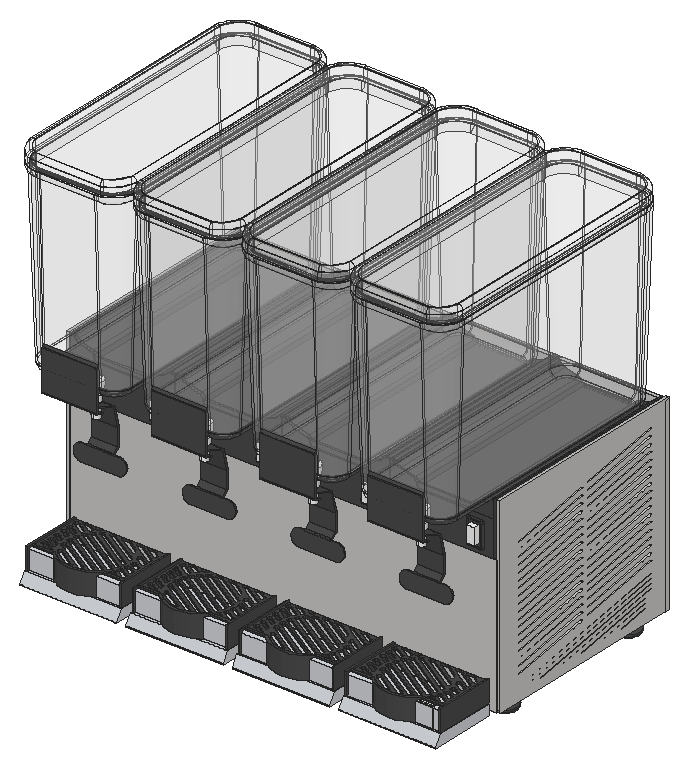
Revit family "QF_Vollrath-VBBE4-37T", category Specialty Equipment, Revit 2018 (continued)
Forms (in)
  Extrusion 6, solid, material "QF_Finishes-Stainless"
    sketch origin (0, 0, 0) x (1, 0, 0) y (0, 0, 1)
      loop
        line (11.62728, 10.09148) -> (11.50867, 9.98837) -> (11.50867, 9.94064)
      loop
        line (11.50867, 10.31465) -> (16.82371, 10.31465) -> (16.82371, 10.36239) -> (16.7051, 10.46549)
        arc (16.7051, 10.46549) -> (16.67208, 10.48089) -> (16.63603, 10.48617) r 0.12567
        line (16.63603, 10.48617) -> (11.69634, 10.48617)
        arc (11.69634, 10.48617) -> (11.66029, 10.48089) -> (11.62728, 10.46549) r 0.12567
        line (11.62728, 10.46549) -> (11.50867, 10.36239) -> (11.50867, 10.31465)
      loop
        line (11.50867, 10.68867) -> (16.82371, 10.68867) -> (16.82371, 10.7364) -> (16.7051, 10.83951)
        arc (16.7051, 10.83951) -> (16.67208, 10.85491) -> (16.63603, 10.86019) r 0.12567
        line (16.63603, 10.86019) -> (11.69634, 10.86019)
        arc (11.69634, 10.86019) -> (11.66029, 10.85491) -> (11.62728, 10.83951) r 0.12567
        line (11.62728, 10.83951) -> (11.50867, 10.7364) -> (11.50867, 10.68867)
      loop
        line (11.50867, 11.06268) -> (16.82371, 11.06268) -> (16.82371, 11.11042) -> (16.7051, 11.21352)
        arc (16.7051, 11.21352) -> (16.67208, 11.22892) -> (16.63603, 11.2342) r 0.12567
        line (16.63603, 11.2342) -> (11.69634, 11.2342)
        arc (11.69634, 11.2342) -> (11.66029, 11.22892) -> (11.62728, 11.21352) r 0.12567
        line (11.62728, 11.21352) -> (11.50867, 11.11042) -> (11.50867, 11.06268)
      loop
        line (11.50867, 11.4367) -> (16.82371, 11.4367) -> (16.82371, 11.48443) -> (16.7051, 11.58754)
        arc (16.7051, 11.58754) -> (16.67208, 11.60294) -> (16.63603, 11.60822) r 0.12567
        line (16.63603, 11.60822) -> (11.69634, 11.60822)
        arc (11.69634, 11.60822) -> (11.66029, 11.60294) -> (11.62728, 11.58754) r 0.12567
        line (11.62728, 11.58754) -> (11.50867, 11.48443) -> (11.50867, 11.4367)
      loop
        line (11.50867, 11.81072) -> (16.82371, 11.81072) -> (16.82371, 11.85845) -> (16.7051, 11.96156)
        arc (16.7051, 11.96156) -> (16.67208, 11.97695) -> (16.63603, 11.98223) r 0.12567
        line (16.63603, 11.98223) -> (11.69634, 11.98223)
        arc (11.69634, 11.98223) -> (11.66029, 11.97695) -> (11.62728, 11.96156) r 0.12567
        line (11.62728, 11.96156) -> (11.50867, 11.85845) -> (11.50867, 11.81072)
      loop
        line (11.50867, 12.18473) -> (16.82363, 12.18473) -> (16.82363, 12.23247) -> (16.70502, 12.33557)
        arc (16.70502, 12.33557) -> (16.672, 12.35097) -> (16.63595, 12.35625) r 0.12567
        line (16.63595, 12.35625) -> (11.69634, 12.35625)
        arc (11.69634, 12.35625) -> (11.66029, 12.35097) -> (11.62728, 12.33557) r 0.12567
        line (11.62728, 12.33557) -> (11.50867, 12.23247) -> (11.50867, 12.18473)
      loop
        line (18.5068, 2.08631) -> (23.82183, 2.08631) -> (23.82183, 2.13404) -> (23.70323, 2.23715)
        arc (23.70323, 2.23715) -> (23.67021, 2.25254) -> (23.63416, 2.25782) r 0.12567
        line (23.63416, 2.25782) -> (18.69447, 2.25782)
        arc (18.69447, 2.25782) -> (18.65842, 2.25254) -> (18.62541, 2.23715) r 0.12567
        line (18.62541, 2.23715) -> (18.5068, 2.13404) -> (18.5068, 2.08631)
      loop
        line (18.5068, 2.46032) -> (23.82183, 2.46032) -> (23.82183, 2.50806) -> (23.70323, 2.61116)
        arc (23.70323, 2.61116) -> (23.67021, 2.62656) -> (23.63416, 2.63184) r 0.12567
        line (23.63416, 2.63184) -> (18.69447, 2.63184)
        arc (18.69447, 2.63184) -> (18.65842, 2.62656) -> (18.62541, 2.61116) r 0.12567
        line (18.62541, 2.61116) -> (18.5068, 2.50806) -> (18.5068, 2.46032)
      loop
        line (18.5068, 2.83434) -> (23.82183, 2.83434) -> (23.82183, 2.88207) -> (23.70323, 2.98518)
        arc (23.70323, 2.98518) -> (23.67021, 3.00058) -> (23.63416, 3.00586) r 0.12567
        line (23.63416, 3.00586) -> (18.69447, 3.00586)
        arc (18.69447, 3.00586) -> (18.65842, 3.00058) -> (18.62541, 2.98518) r 0.12567
        line (18.62541, 2.98518) -> (18.5068, 2.88207) -> (18.5068, 2.83434)
      loop
        line (18.5068, 3.20835) -> (23.82183, 3.20835) -> (23.82183, 3.25609) -> (23.70323, 3.35919)
        arc (23.70323, 3.35919) -> (23.67021, 3.37459) -> (23.63416, 3.37987) r 0.12567
        line (23.63416, 3.37987) -> (18.69447, 3.37987)
        arc (18.69447, 3.37987) -> (18.65842, 3.37459) -> (18.62541, 3.35919) r 0.12567
        line (18.62541, 3.35919) -> (18.5068, 3.25609) -> (18.5068, 3.20835)
      loop
        line (18.5068, 3.58237) -> (23.82183, 3.58237) -> (23.82183, 3.6301) -> (23.70323, 3.73321)
        arc (23.70323, 3.73321) -> (23.67021, 3.74861) -> (23.63416, 3.75389) r 0.12567
        line (23.63416, 3.75389) -> (18.69447, 3.75389)
        arc (18.69447, 3.75389) -> (18.65842, 3.74861) -> (18.62541, 3.73321) r 0.12567
        line (18.62541, 3.73321) -> (18.5068, 3.6301) -> (18.5068, 3.58237)
      loop
        line (18.5068, 3.95639) -> (23.82183, 3.95639) -> (23.82183, 4.00412) -> (23.70323, 4.10722)
        arc (23.70323, 4.10722) -> (23.67021, 4.12262) -> (23.63416, 4.1279) r 0.12567
        line (23.63416, 4.1279) -> (18.69447, 4.1279)
        arc (18.69447, 4.1279) -> (18.65842, 4.12262) -> (18.62541, 4.10722) r 0.12567
        line (18.62541, 4.10722) -> (18.5068, 4.00412) -> (18.5068, 3.95639)
      loop
        line (18.5068, 4.3304) -> (23.82183, 4.3304) -> (23.82183, 4.37813) -> (23.70323, 4.48124)
        arc (23.70323, 4.48124) -> (23.67021, 4.49664) -> (23.63416, 4.50192) r 0.12567
        line (23.63416, 4.50192) -> (18.69447, 4.50192)
        arc (18.69447, 4.50192) -> (18.65842, 4.49664) -> (18.62541, 4.48124) r 0.12567
        line (18.62541, 4.48124) -> (18.5068, 4.37813) -> (18.5068, 4.3304)
      loop
        line (18.5068, 4.70442) -> (23.82183, 4.70442) -> (23.82183, 4.75215) -> (23.70323, 4.85526)
        arc (23.70323, 4.85526) -> (23.67021, 4.87065) -> (23.63416, 4.87594) r 0.12567
        line (23.63416, 4.87594) -> (18.69447, 4.87594)
        arc (18.69447, 4.87594) -> (18.65842, 4.87065) -> (18.62541, 4.85526) r 0.12567
        line (18.62541, 4.85526) -> (18.5068, 4.75215) -> (18.5068, 4.70442)
      loop
        line (18.5068, 5.07843) -> (23.82183, 5.07843) -> (23.82183, 5.12617) -> (23.70323, 5.22927)
        arc (23.70323, 5.22927) -> (23.67021, 5.24467) -> (23.63416, 5.24995) r 0.12567
        line (23.63416, 5.24995) -> (18.69447, 5.24995)
        arc (18.69447, 5.24995) -> (18.65842, 5.24467) -> (18.62541, 5.22927) r 0.12567
        line (18.62541, 5.22927) -> (18.5068, 5.12617) -> (18.5068, 5.07843)
      loop
        line (18.5068, 5.45245) -> (23.82183, 5.45245) -> (23.82183, 5.50018) -> (23.70323, 5.60329)
        arc (23.70323, 5.60329) -> (23.67021, 5.61869) -> (23.63416, 5.62397) r 0.12567
        line (23.63416, 5.62397) -> (18.69447, 5.62397)
        arc (18.69447, 5.62397) -> (18.65842, 5.61869) -> (18.62541, 5.60329) r 0.12567
        line (18.62541, 5.60329) -> (18.5068, 5.50018) -> (18.5068, 5.45245)
      loop
        line (18.5068, 5.82646) -> (23.82183, 5.82646) -> (23.82183, 5.8742) -> (23.70323, 5.9773)
        arc (23.70323, 5.9773) -> (23.67021, 5.9927) -> (23.63416, 5.99798) r 0.12567
        line (23.63416, 5.99798) -> (18.69447, 5.99798)
        arc (18.69447, 5.99798) -> (18.65842, 5.9927) -> (18.62541, 5.9773) r 0.12567
        line (18.62541, 5.9773) -> (18.5068, 5.8742) -> (18.5068, 5.82646)
      loop
        line (18.5068, 6.20048) -> (23.82183, 6.20048) -> (23.82183, 6.24821) -> (23.70323, 6.35132)
        arc (23.70323, 6.35132) -> (23.67021, 6.36672) -> (23.63416, 6.372) r 0.12567
        line (23.63416, 6.372) -> (18.69447, 6.372)
        arc (18.69447, 6.372) -> (18.65842, 6.36672) -> (18.62541, 6.35132) r 0.12567
        line (18.62541, 6.35132) -> (18.5068, 6.24821) -> (18.5068, 6.20048)
      loop
        line (18.5068, 6.5745) -> (23.82183, 6.5745) -> (23.82183, 6.62223) -> (23.70323, 6.72534)
        arc (23.70323, 6.72534) -> (23.67021, 6.74073) -> (23.63416, 6.74601) r 0.12567
        line (23.63416, 6.74601) -> (18.69447, 6.74601)
        arc (18.69447, 6.74601) -> (18.65842, 6.74073) -> (18.62541, 6.72534) r 0.12567
        line (18.62541, 6.72534) -> (18.5068, 6.62223) -> (18.5068, 6.5745)
      loop
        line (18.5068, 6.94851) -> (23.82183, 6.94851) -> (23.82183, 6.99625) -> (23.70323, 7.09935)
        arc (23.70323, 7.09935) -> (23.67021, 7.11475) -> (23.63416, 7.12003) r 0.12567
        line (23.63416, 7.12003) -> (18.69447, 7.12003)
        arc (18.69447, 7.12003) -> (18.65842, 7.11475) -> (18.62541, 7.09935) r 0.12567
        line (18.62541, 7.09935) -> (18.5068, 6.99625) -> (18.5068, 6.94851)
      loop
        line (18.5068, 7.32253) -> (23.82183, 7.32253) -> (23.82183, 7.37026) -> (23.70323, 7.47337)
        arc (23.70323, 7.47337) -> (23.67021, 7.48876) -> (23.63416, 7.49405) r 0.12567
        line (23.63416, 7.49405) -> (18.69447, 7.49405)
        arc (18.69447, 7.49405) -> (18.65842, 7.48876) -> (18.62541, 7.47337) r 0.12567
        line (18.62541, 7.47337) -> (18.5068, 7.37026) -> (18.5068, 7.32253)
      loop
        line (18.5068, 7.69654) -> (23.82183, 7.69654) -> (23.82183, 7.74428) -> (23.70323, 7.84738)
        arc (23.70323, 7.84738) -> (23.67021, 7.86278) -> (23.63416, 7.86806) r 0.12567
        line (23.63416, 7.86806) -> (18.69447, 7.86806)
        arc (18.69447, 7.86806) -> (18.65842, 7.86278) -> (18.62541, 7.84738) r 0.12567
        line (18.62541, 7.84738) -> (18.5068, 7.74428) -> (18.5068, 7.69654)
      loop
        line (18.5068, 8.07056) -> (23.82183, 8.07056) -> (23.82183, 8.11829) -> (23.70323, 8.2214)
        arc (23.70323, 8.2214) -> (23.67021, 8.2368) -> (23.63416, 8.24208) r 0.12567
        line (23.63416, 8.24208) -> (18.69447, 8.24208)
        arc (18.69447, 8.24208) -> (18.65842, 8.2368) -> (18.62541, 8.2214) r 0.12567
        line (18.62541, 8.2214) -> (18.5068, 8.11829) -> (18.5068, 8.07056)
      loop
        line (18.5068, 8.44457) -> (23.82183, 8.44457) -> (23.82183, 8.49231) -> (23.70323, 8.59541)
        arc (23.70323, 8.59541) -> (23.67021, 8.61081) -> (23.63416, 8.61609) r 0.12567
        line (23.63416, 8.61609) -> (18.69447, 8.61609)
        arc (18.69447, 8.61609) -> (18.65842, 8.61081) -> (18.62541, 8.59541) r 0.12567
        line (18.62541, 8.59541) -> (18.5068, 8.49231) -> (18.5068, 8.44457)
      loop
        line (18.5068, 8.81859) -> (23.82183, 8.81859) -> (23.82183, 8.86632) -> (23.70323, 8.96943)
        arc (23.70323, 8.96943) -> (23.67021, 8.98483) -> (23.63416, 8.99011) r 0.12567
        line (23.63416, 8.99011) -> (18.69447, 8.99011)
        arc (18.69447, 8.99011) -> (18.65842, 8.98483) -> (18.62541, 8.96943) r 0.12567
        line (18.62541, 8.96943) -> (18.5068, 8.86632) -> (18.5068, 8.81859)
      loop
        line (18.5068, 9.19261) -> (23.82176, 9.19261) -> (23.82176, 9.24034) -> (23.70315, 9.34345)
        arc (23.70315, 9.34345) -> (23.67013, 9.35884) -> (23.63408, 9.36412) r 0.12567
        line (23.63408, 9.36412) -> (18.69447, 9.36412)
        arc (18.69447, 9.36412) -> (18.65842, 9.35884) -> (18.62541, 9.34345) r 0.12567
        line (18.62541, 9.34345) -> (18.5068, 9.24034) -> (18.5068, 9.19261)
      loop
        line (18.5068, 9.56662) -> (23.82183, 9.56662) -> (23.82183, 9.61436) -> (23.70323, 9.71746)
        arc (23.70323, 9.71746) -> (23.67021, 9.73286) -> (23.63416, 9.73814) r 0.12567
        line (23.63416, 9.73814) -> (18.69447, 9.73814)
        arc (18.69447, 9.73814) -> (18.65842, 9.73286) -> (18.62541, 9.71746) r 0.12567
        line (18.62541, 9.71746) -> (18.5068, 9.61436) -> (18.5068, 9.56662)
      loop
        line (18.5068, 9.94064) -> (23.82183, 9.94064) -> (23.82183, 9.98837) -> (23.70323, 10.09148)
        arc (23.70323, 10.09148) -> (23.67021, 10.10687) -> (23.63416, 10.11216) r 0.12567
        line (23.63416, 10.11216) -> (18.69447, 10.11216)
        arc (18.69447, 10.11216) -> (18.65842, 10.10687) -> (18.62541, 10.09148) r 0.12567
        line (18.62541, 10.09148) -> (18.5068, 9.98837) -> (18.5068, 9.94064)
      loop
        line (18.5068, 10.31465) -> (23.82183, 10.31465) -> (23.82183, 10.36239) -> (23.70323, 10.46549)
        arc (23.70323, 10.46549) -> (23.67021, 10.48089) -> (23.63416, 10.48617) r 0.12567
        line (23.63416, 10.48617) -> (18.69447, 10.48617)
        arc (18.69447, 10.48617) -> (18.65842, 10.48089) -> (18.62541, 10.46549) r 0.12567
        line (18.62541, 10.46549) -> (18.5068, 10.36239) -> (18.5068, 10.31465)
      loop
        line (18.5068, 10.68867) -> (23.82183, 10.68867) -> (23.82183, 10.7364) -> (23.70323, 10.83951)
        arc (23.70323, 10.83951) -> (23.67021, 10.85491) -> (23.63416, 10.86019) r 0.12567
        line (23.63416, 10.86019) -> (18.69447, 10.86019)
        arc (18.69447, 10.86019) -> (18.65842, 10.85491) -> (18.62541, 10.83951) r 0.12567
        line (18.62541, 10.83951) -> (18.5068, 10.7364) -> (18.5068, 10.68867)
      loop
        line (18.5068, 11.06268) -> (23.82183, 11.06268) -> (23.82183, 11.11042) -> (23.70323, 11.21352)
        arc (23.70323, 11.21352) -> (23.67021, 11.22892) -> (23.63416, 11.2342) r 0.12567
        line (23.63416, 11.2342) -> (18.69447, 11.2342)
        arc (18.69447, 11.2342) -> (18.65842, 11.22892) -> (18.62541, 11.21352) r 0.12567
        line (18.62541, 11.21352) -> (18.5068, 11.11042) -> (18.5068, 11.06268)
      loop
        line (18.5068, 11.4367) -> (23.82183, 11.4367) -> (23.82183, 11.48443) -> (23.70323, 11.58754)
        arc (23.70323, 11.58754) -> (23.67021, 11.60294) -> (23.63416, 11.60822) r 0.12567
        line (23.63416, 11.60822) -> (18.69447, 11.60822)
        arc (18.69447, 11.60822) -> (18.65842, 11.60294) -> (18.62541, 11.58754) r 0.12567
        line (18.62541, 11.58754) -> (18.5068, 11.48443) -> (18.5068, 11.4367)
      loop
        line (18.5068, 11.81072) -> (23.82183, 11.81072) -> (23.82183, 11.85845) -> (23.70323, 11.96156)
        arc (23.70323, 11.96156) -> (23.67021, 11.97695) -> (23.63416, 11.98223) r 0.12567
        line (23.63416, 11.98223) -> (18.69447, 11.98223)
        arc (18.69447, 11.98223) -> (18.65842, 11.97695) -> (18.62541, 11.96156) r 0.12567
        line (18.62541, 11.96156) -> (18.5068, 11.85845) -> (18.5068, 11.81072)
      loop
        line (18.5068, 12.18473) -> (23.82176, 12.18473) -> (23.82176, 12.23247) -> (23.70315, 12.33557)
        arc (23.70315, 12.33557) -> (23.67013, 12.35097) -> (23.63408, 12.35625) r 0.12567
        line (23.63408, 12.35625) -> (18.69447, 12.35625)
        arc (18.69447, 12.35625) -> (18.65842, 12.35097) -> (18.62541, 12.33557) r 0.12567
        line (18.62541, 12.33557) -> (18.5068, 12.23247) -> (18.5068, 12.18473)
    from -10.7576 to -10.47957
  Revolve 7, solid, material "QF_Finishes-Black Plastic"
    sketch origin (-2.65829, 2.28125, 0) x (0, 1, 0) y (0, 0, 1)
      loop
        line (6.4307, 0.71878) -> (5.9307, 0.71878) -> (5.90967, 0.3175)
        arc (5.90967, 0.3175) -> (5.90114, 0.28329) -> (5.88042, 0.25477) r 0.09238
        line (5.88042, 0.25477) -> (5.63639, 0.15617) -> (5.65129, 0.03478)
        arc (5.65129, 0.03478) -> (5.66148, 0.01019) -> (5.68607, 0) r 0.03478
        line (5.68607, 0) -> (6.4307, 0) -> (6.4307, 0.71878)
      axis (6.4307, 0) -> (6.4307, 0.71878)
    angle from 0 to 360
  Revolve 8, solid, material "QF_Finishes-Black Plastic"
    sketch origin (-2.65829, -7.91744, 0) x (0, 1, 0) y (0, 0, 1)
      loop
        line (6.4307, 0.71878) -> (5.9307, 0.71878) -> (5.90967, 0.3175)
        arc (5.90967, 0.3175) -> (5.90114, 0.28329) -> (5.88042, 0.25477) r 0.09238
        line (5.88042, 0.25477) -> (5.63639, 0.15617) -> (5.65129, 0.03478)
        arc (5.65129, 0.03478) -> (5.66148, 0.01019) -> (5.68607, 0) r 0.03478
        line (5.68607, 0) -> (6.4307, 0) -> (6.4307, 0.71878)
      axis (6.4307, 0) -> (6.4307, 0.71878)
    angle from 0 to 360
  Revolve 9, solid, material "QF_Finishes-Black Plastic"
    sketch origin (24.04934, 2.28125, 0) x (0, 1, 0) y (0, 0, 1)
      loop
        line (6.4307, 0.71878) -> (5.9307, 0.71878) -> (5.90967, 0.3175)
        arc (5.90967, 0.3175) -> (5.90114, 0.28329) -> (5.88042, 0.25477) r 0.09238
        line (5.88042, 0.25477) -> (5.63639, 0.15617) -> (5.65129, 0.03478)
        arc (5.65129, 0.03478) -> (5.66148, 0.01019) -> (5.68607, 0) r 0.03478
        line (5.68607, 0) -> (6.4307, 0) -> (6.4307, 0.71878)
      axis (6.4307, 0) -> (6.4307, 0.71878)
    angle from 0 to 360
  Revolve 10, solid, material "QF_Finishes-Black Plastic"
    sketch origin (24.04934, -7.91744, 0) x (0, 1, 0) y (0, 0, 1)
      loop
        line (6.4307, 0.71878) -> (5.9307, 0.71878) -> (5.90967, 0.3175)
        arc (5.90967, 0.3175) -> (5.90114, 0.28329) -> (5.88042, 0.25477) r 0.09238
        line (5.88042, 0.25477) -> (5.63639, 0.15617) -> (5.65129, 0.03478)
        arc (5.65129, 0.03478) -> (5.66148, 0.01019) -> (5.68607, 0) r 0.03478
        line (5.68607, 0) -> (6.4307, 0) -> (6.4307, 0.71878)
      axis (6.4307, 0) -> (6.4307, 0.71878)
    angle from 0 to 360
  Extrusion 11, solid, material "QF_Finishes-Black Plastic"
    sketch origin (0, 0, 0) x (1, 0, 0) y (0, 1, 0)
      loop
        line (3.18945, -3.12402) -> (-3.14914, -3.12402) -> (-3.14914, -7.27756) -> (-3.05071, -7.27756) -> (-3.05071, -6.9626) -> (-1.68325, -6.9626)
        arc (-1.68325, -6.9626) -> (-1.65302, -6.96863) -> (-1.62741, -6.98581) r 0.07879
        arc (-1.62741, -6.98581) -> (0.01907, -7.67007) -> (1.66554, -6.98581) r 2.323
        arc (1.66554, -6.98581) -> (1.69232, -6.96862) -> (1.72357, -6.9626) r 0.08414
        line (1.72357, -6.9626) -> (3.09102, -6.9626) -> (3.09102, -7.27756) -> (3.18945, -7.27756) -> (3.18945, -3.12402)
      loop
        line (-3.05071, -3.19488) -> (-3.05071, -6.8248) -> (-1.68325, -6.8248)
        arc (-1.68325, -6.8248) -> (-1.60014, -6.84139) -> (-1.52977, -6.88862) r 0.21647
        arc (-1.52977, -6.88862) -> (0.02, -7.53304) -> (1.56978, -6.88862) r 2.18576
        arc (1.56978, -6.88862) -> (1.64015, -6.84139) -> (1.72326, -6.8248) r 0.21647
        line (1.72326, -6.8248) -> (3.09102, -6.8248) -> (3.09102, -3.19488) -> (-3.05071, -3.19488)
    from 1.03543 to 2.48031
  Extrusion 12, solid, material "QF_Finishes-Black Plastic"
    sketch origin (-0.43601, -0.69203, -0.67436) x (0, 1, 0) y (0, 0, 1)
      loop
        arc (-6.7126, 12.77975) -> (-6.69637, 12.72827) -> (-6.65354, 12.69541) r 0.08975
        line (-6.65354, 12.69541) -> (-6.24829, 12.54791) -> (-6.22809, 12.6034) -> (-6.65354, 12.75825) -> (-6.65354, 15.43542) -> (-6.55627, 15.57434) -> (-6.585, 15.63626) -> (-6.69836, 15.47437)
        arc (-6.69836, 15.47437) -> (-6.70895, 15.45289) -> (-6.7126, 15.42921) r 0.07874
        line (-6.7126, 15.42921) -> (-6.7126, 12.77975)
    from -1.53543 to 2.09496
  Revolve 13, solid, material "QF_Finishes-White Rubber"
    sketch origin (-0.09375, -0.00627, -0.98853) x (0, 1, 0) y (0, 0, 1)
      loop
        line (-5.26181, 11.33771) -> (-5.26181, 13.7196) -> (-5.58313, 13.7196)
        arc (-5.58313, 13.7196) -> (-5.66215, 13.68687) -> (-5.69488, 13.60785) r 0.11175
        line (-5.69488, 13.60785) -> (-5.6749, 12.85346) -> (-5.57506, 12.85346) -> (-5.57506, 12.36572) -> (-5.49364, 12.33608) -> (-5.49364, 11.33771) -> (-5.26181, 11.33771)
      axis (-5.26181, 11.33771) -> (-5.26181, 13.7196)
    angle from 0 to 360
  Extrusion 14, solid, material "QF_Finishes-Black Plastic"
    sketch origin (-0.14844, 0.05623, -0.98853) x (0, 1, 0) y (0, 0, 1)
      loop
        line (-4.89794, 12.05642) -> (-4.5209, 10.64927) -> (-4.5209, 9.50735) -> (-4.87524, 9.24034)
        arc (-4.87524, 9.24034) -> (-4.89988, 9.20972) -> (-4.90703, 9.17106) r 0.08027
        line (-4.90703, 9.17106) -> (-4.84806, 9.16797) -> (-4.83447, 9.19711) -> (-4.4932, 9.45428)
        arc (-4.4932, 9.45428) -> (-4.47012, 9.48203) -> (-4.46184, 9.51717) r 0.07874
        line (-4.46184, 9.51717) -> (-4.46184, 10.65704) -> (-4.8302, 12.03176)
        arc (-4.8302, 12.03176) -> (-4.86865, 12.09212) -> (-4.92901, 12.13057) r 0.16532
        line (-4.92901, 12.13057) -> (-6.9898, 12.88064) -> (-7.01, 12.82515) -> (-4.89794, 12.05642)
    from -0.87952 to 0.8668
  Extrusion 15, solid, material "QF_Finishes-Black Plastic"
    sketch origin (-0.15625, -0.40114, -1.21779) x (1, 0, 0) y (0, 0.052336, 0.99863)
      loop
        line (-1.23031, 8.07021) -> (1.23031, 8.07021)
        arc (1.23031, 8.07021) -> (1.77091, 8.61081) -> (1.23031, 9.1514) r 0.5406
        line (1.23031, 9.1514) -> (-1.23031, 9.1514)
        arc (-1.23031, 9.1514) -> (-1.77091, 8.61081) -> (-1.23031, 8.07021) r 0.5406
    from 4.87511 to 4.93413
  Sweep 16, solid, material "QF_Finishes-Clear Plastic"
    path origin (-0.15625, 0, 0) x (1, 0, 0) y (0, 1, 0)
      loop
        arc (-2.3069, -6.00035) -> (-2.17234, -6.32521) -> (-1.84748, -6.45977) r 0.45942
        line (-1.84748, -6.45977) -> (1.84782, -6.45977)
        arc (1.84782, -6.45977) -> (2.17447, -6.32446) -> (2.30977, -5.99781) r 0.46195
        line (2.30977, -5.99781) -> (2.30977, 9.13206)
        arc (2.30977, 9.13206) -> (2.17447, 9.45871) -> (1.84782, 9.59402) r 0.46195
        line (1.84782, 9.59402) -> (-1.84748, 9.59402)
        arc (-1.84748, 9.59402) -> (-2.17234, 9.45946) -> (-2.3069, 9.1346) r 0.45942
        line (-2.3069, 9.1346) -> (-2.3069, -6.00035)
    profile origin (-2.46315, 1.56713, 0) x (-1, 0, 0) y (0, 0, 1)
      loop
        line (1.14413, 25.33894) -> (1.00627, 25.33894) -> (0.60808, 13.43579)
        arc (0.60808, 13.43579) -> (0.48758, 13.16469) -> (0.21238, 13.05386) r 0.39514
        line (0.21238, 13.05386) -> (0.22508, 12.90709)
        arc (0.22508, 12.90709) -> (0.59013, 13.08301) -> (0.74651, 13.45684) r 0.57097
        line (0.74651, 13.45684) -> (1.14413, 25.33894)
  Extrusion 17, solid, material "QF_Finishes-Black Plastic"
    sketch origin (0, 0, -0.6875) x (1, 0, 0) y (0, 0, 1)
      loop
        line (-3.46457, 13.95475) -> (-3.46457, 12.85346) -> (3.55, 12.85346) -> (3.55, 13.95475) -> (3.22835, 13.95475)
        arc (3.22835, 13.95475) -> (3.13884, 13.93326) -> (3.06885, 13.87348) r 0.19715
        arc (3.06885, 13.87348) -> (3.03916, 13.82718) -> (3.00315, 13.7856) r 0.3838
        arc (3.00315, 13.7856) -> (2.87095, 13.68416) -> (2.717, 13.62039) r 0.63833
        line (2.717, 13.62039) -> (1.86181, 13.39124)
        arc (1.86181, 13.39124) -> (1.74573, 13.32397) -> (1.67922, 13.20745) r 0.2576
        line (1.67922, 13.20745) -> (1.62646, 12.90825) -> (-1.78271, 12.90825) -> (-1.83547, 13.20745)
        arc (-1.83547, 13.20745) -> (-1.90198, 13.32397) -> (-2.01806, 13.39124) r 0.2576
        line (-2.01806, 13.39124) -> (-2.72746, 13.58133)
        arc (-2.72746, 13.58133) -> (-2.88142, 13.6451) -> (-3.01362, 13.74654) r 0.63833
        arc (-3.01362, 13.74654) -> (-3.07424, 13.82539) -> (-3.11257, 13.91717) r 0.3838
        arc (-3.11257, 13.91717) -> (-3.16749, 13.94512) -> (-3.22835, 13.95475) r 0.19715
        line (-3.22835, 13.95475) -> (-3.46457, 13.95475)
    from -10.7576 to 3.27362
  Extrusion 18, solid, material "Clearance - Code/Mandatory", detail levels coarse
    sketch origin (-7.40625, 0, 0) x (1, 0, 0) y (0, 1, 0)
      loop
        line (38.52625, 10.7576) -> (32.525, 10.7576) -> (32.525, -7.75) -> (38.52625, -7.75) -> (38.52625, 10.7576)
    from 0 to 26.20831
  Extrusion 19, solid, material "Clearance - Code/Mandatory", detail levels coarse
    sketch origin (7.40625, 0, 0) x (-1, 0, 0) y (0, -1, 0)
      loop
        line (11.07375, -10.7576) -> (16.89375, -10.7576) -> (16.89375, 7.75) -> (11.07375, 7.75) -> (11.07375, -10.7576)
    from 0 to 26.20831
  Extrusion 20, solid, material "Clearance - Code/Mandatory", detail levels coarse
    sketch origin (3.86032, -3.20625, 0.03446) x (0, 1, 0) y (-1, 0, 0)
      loop
        line (13.96385, -27.25968) -> (20.08125, -27.25968) -> (20.08125, 13.34782) -> (13.96385, 13.34782) -> (13.96385, -27.25968)
    from 0 to 26.17384
  Sweep 21, solid, material "QF_Finishes-Clear Plastic"
    path origin (-0.15625, 0, 0) x (1, 0, 0) y (0, 1, 0)
      loop
        line (1.97575, 9.86597) -> (-1.98, 9.86597)
        arc (-1.98, 9.86597) -> (-2.54709, 9.63108) -> (-2.78198, 9.064) r 0.80197
        line (-2.78198, 9.064) -> (-2.78198, -6.12347)
        arc (-2.78198, -6.12347) -> (-2.53304, -6.72445) -> (-1.93206, -6.97339) r 0.84992
        line (-1.93206, -6.97339) -> (1.91929, -6.97339)
        arc (1.91929, -6.97339) -> (2.53134, -6.71987) -> (2.78485, -6.10782) r 0.86556
        line (2.78485, -6.10782) -> (2.78485, 9.05687)
        arc (2.78485, 9.05687) -> (2.54787, 9.62899) -> (1.97575, 9.86597) r 0.8091
    profile origin (-0.15838, 9.86597, 0) x (0, -1, 0) y (0, 0, 1)
      loop
        line (-0.42938, 24.72698) -> (-0.42938, 25.33894) -> (-0.79275, 25.33894)
        arc (-0.79275, 25.33894) -> (-0.70586, 24.97667) -> (-0.42938, 24.72698) r 0.62946
  Extrusion 22, solid
    sketch origin (0, 0, 0) x (0, 1, 0) y (0, 0, 1)
      loop
        line (-3.39961, 1.03543) -> (-7.3563, 1.03543) -> (-7.75, 0.3937) -> (-7.75, 0.35433) -> (-3.39961, 0.35433) -> (-3.39961, 1.03543)
    from -3.17717 to 3.27868
  Extrusion 23, solid
    sketch origin (0, 0, 0) x (0, 1, 0) y (0, 0, 1)
      loop
        arc (-6.9626, 2.40157) -> (-7.08882, 2.37471) -> (-7.18008, 2.28346) r 0.22732
        line (-7.18008, 2.28346) -> (-7.18008, 1.03543) -> (-6.9626, 1.03543) -> (-6.9626, 2.40157)
    from -3.05071 to -1.36292
  Extrusion 24, solid, material "QF_Finishes-Black Plastic"
    sketch origin (0, 0, 0) x (1, 0, 0) y (0, 1, 0)
      loop
        line (-3.05071, -6.8248) -> (-1.68325, -6.8248)
        arc (-1.68325, -6.8248) -> (-1.60014, -6.84139) -> (-1.52977, -6.88862) r 0.21647
        arc (-1.52977, -6.88862) -> (0.02, -7.53304) -> (1.56978, -6.88862) r 2.18576
        arc (1.56978, -6.88862) -> (1.64015, -6.84139) -> (1.72326, -6.8248) r 0.21647
        line (1.72326, -6.8248) -> (3.09102, -6.8248) -> (3.09102, -3.19488) -> (-3.05071, -3.19488) -> (-3.05071, -6.8248)
      loop
        line (1.99999, -5.31469) -> (-0.85274, -3.56972)
        arc (-0.85274, -3.56972) -> (-0.90143, -3.55568) -> (-0.95047, -3.56848) r 0.09564
        line (-0.95047, -3.56848) -> (-1.05079, -3.62641)
        arc (-1.05079, -3.62641) -> (-1.09797, -3.71056) -> (-1.05079, -3.79471) r 0.09865
        line (-1.05079, -3.79471) -> (1.89113, -5.59424)
        arc (1.89113, -5.59424) -> (1.98696, -5.59808) -> (2.04057, -5.51856) r 0.09843
        line (2.04057, -5.51856) -> (2.04706, -5.40253)
        arc (2.04706, -5.40253) -> (2.03544, -5.35223) -> (1.99999, -5.31469) r 0.09857
      loop
        line (1.92869, -5.80182) -> (-1.25519, -3.85429)
        arc (-1.25519, -3.85429) -> (-1.31546, -3.84407) -> (-1.37003, -3.87162) r 0.09782
        line (-1.37003, -3.87162) -> (-1.44371, -3.9453)
        arc (-1.44371, -3.9453) -> (-1.47148, -4.02385) -> (-1.42783, -4.09482) r 0.09665
        line (-1.42783, -4.09482) -> (1.79158, -6.06408)
        arc (1.79158, -6.06408) -> (1.8762, -6.07294) -> (1.93593, -6.01235) r 0.09812
        line (1.93593, -6.01235) -> (1.96819, -5.91075)
        arc (1.96819, -5.91075) -> (1.96695, -5.84957) -> (1.92869, -5.80182) r 0.09507
      loop
        line (1.74837, -6.22226) -> (-1.54753, -4.20621)
        arc (-1.54753, -4.20621) -> (-1.61887, -4.19636) -> (-1.67693, -4.23897) r 0.09584
        line (-1.67693, -4.23897) -> (-1.73108, -4.32679)
        arc (-1.73108, -4.32679) -> (-1.743, -4.39877) -> (-1.70104, -4.45845) r 0.09631
        line (-1.70104, -4.45845) -> (1.59739, -6.47604)
        arc (1.59739, -6.47604) -> (1.66914, -6.48577) -> (1.72723, -6.44255) r 0.09587
        line (1.72723, -6.44255) -> (1.78078, -6.35401)
        arc (1.78078, -6.35401) -> (1.79129, -6.28157) -> (1.74837, -6.22226) r 0.09741
      loop
        line (1.48132, -6.58966) -> (-1.74811, -4.61427)
        arc (-1.74811, -4.61427) -> (-1.83177, -4.60731) -> (-1.88979, -4.66798) r 0.09744
        line (-1.88979, -4.66798) -> (-1.92257, -4.76761)
        arc (-1.92257, -4.76761) -> (-1.92194, -4.82904) -> (-1.88395, -4.87732) r 0.0953
        line (-1.88395, -4.87732) -> (1.30511, -6.82801)
        arc (1.30511, -6.82801) -> (1.36581, -6.8405) -> (1.42146, -6.81321) r 0.09579
        line (1.42146, -6.81321) -> (1.49519, -6.73948)
        arc (1.49519, -6.73948) -> (1.52341, -6.66132) -> (1.48132, -6.58966) r 0.09779
      loop
        line (1.10757, -6.89177) -> (-1.84914, -5.0832)
        arc (-1.84914, -5.0832) -> (-1.94458, -5.07917) -> (-1.99846, -5.15805) r 0.0984
        line (-1.99846, -5.15805) -> (-2.00593, -5.27264)
        arc (-2.00593, -5.27264) -> (-1.99506, -5.32396) -> (-1.95906, -5.3621) r 0.09696
        line (-1.95906, -5.3621) -> (0.91264, -7.11867)
        arc (0.91264, -7.11867) -> (0.96072, -7.13194) -> (1.0088, -7.11867) r 0.09375
        line (1.0088, -7.11867) -> (1.10757, -7.05966)
        arc (1.10757, -7.05966) -> (1.15463, -6.97572) -> (1.10757, -6.89177) r 0.0984
      loop
        line (0.60863, -7.11732) -> (-1.82264, -5.63015)
        arc (-1.82264, -5.63015) -> (-1.92999, -5.63329) -> (-1.97033, -5.73281) r 0.09825
        line (-1.97033, -5.73281) -> (-1.93774, -5.87396)
        arc (-1.93774, -5.87396) -> (-1.92175, -5.90738) -> (-1.89442, -5.93238) r 0.09714
        line (-1.89442, -5.93238) -> (0.37225, -7.31886)
        arc (0.37225, -7.31886) -> (0.40695, -7.33252) -> (0.44421, -7.33107) r 0.09073
        line (0.44421, -7.33107) -> (0.58467, -7.29582)
        arc (0.58467, -7.29582) -> (0.65482, -7.21438) -> (0.60863, -7.11732) r 0.09843
      loop
        line (-0.15644, -7.18008) -> (-1.53008, -6.33984)
        arc (-1.53008, -6.33984) -> (-1.65245, -6.35562) -> (-1.66332, -6.47852) r 0.09845
        line (-1.66332, -6.47852) -> (-1.474, -6.72028) -> (-0.52036, -7.30361) -> (-0.21942, -7.36177)
        arc (-0.21942, -7.36177) -> (-0.1148, -7.29628) -> (-0.15644, -7.18008) r 0.09842
      loop
        line (1.92796, -4.73989) -> (-0.30697, -3.37282)
        arc (-0.30697, -3.37282) -> (-0.34079, -3.3598) -> (-0.37704, -3.35963) r 0.10043
        line (-0.37704, -3.35963) -> (-0.52004, -3.39377)
        arc (-0.52004, -3.39377) -> (-0.59167, -3.47506) -> (-0.54547, -3.57306) r 0.09865
        line (-0.54547, -3.57306) -> (1.85831, -5.04342)
        arc (1.85831, -5.04342) -> (1.96624, -5.03999) -> (2.00606, -4.93962) r 0.09842
        line (2.00606, -4.93962) -> (1.97137, -4.79716)
        arc (1.97137, -4.79716) -> (1.95507, -4.76442) -> (1.92796, -4.73989) r 0.09857
      loop
        line (1.46531, -3.92615) -> (0.62845, -3.41426)
        arc (0.62845, -3.41426) -> (0.46776, -3.37153) -> (0.30428, -3.34114) r 2.18615
        arc (0.30428, -3.34114) -> (0.19761, -3.4051) -> (0.23921, -3.5223) r 0.09818
        line (0.23921, -3.5223) -> (1.54679, -4.32213)
        arc (1.54679, -4.32213) -> (1.66978, -4.30502) -> (1.67799, -4.18113) r 0.09835
        arc (1.67799, -4.18113) -> (1.57664, -4.04948) -> (1.46531, -3.92615) r 2.12561
      loop
        line (2.83911, -4.23574) -> (1.36588, -3.33459)
        arc (1.36588, -3.33459) -> (1.34175, -3.32427) -> (1.31572, -3.32087) r 0.09593
        arc (1.31572, -3.32087) -> (1.27881, -3.321) -> (1.2419, -3.32087) r 5.03614
        arc (1.2419, -3.32087) -> (1.14687, -3.39171) -> (1.18925, -3.5024) r 0.0982
        arc (1.18925, -3.5024) -> (1.38493, -3.6409) -> (1.56306, -3.80134) r 2.04444
        line (1.56306, -3.80134) -> (2.73642, -4.51906)
        arc (2.73642, -4.51906) -> (2.8353, -4.51983) -> (2.88433, -4.43395) r 0.09782
        arc (2.88433, -4.43395) -> (2.88401, -4.37627) -> (2.88433, -4.31858) r 5.14481
        arc (2.88433, -4.31858) -> (2.87254, -4.27125) -> (2.83911, -4.23574) r 0.0965
      loop
        line (2.83639, -3.70334) -> (2.23231, -3.33383)
        arc (2.23231, -3.33383) -> (2.21027, -3.32439) -> (2.18655, -3.32087) r 0.09339
        line (2.18655, -3.32087) -> (1.99477, -3.32087)
        arc (1.99477, -3.32087) -> (1.89988, -3.39257) -> (1.94341, -3.50325) r 0.09837
        line (1.94341, -3.50325) -> (2.73528, -3.98763)
        arc (2.73528, -3.98763) -> (2.83413, -3.98931) -> (2.88433, -3.90415) r 0.09818
        arc (2.88433, -3.90415) -> (2.88448, -3.84599) -> (2.88433, -3.78784) r 11.3571
        arc (2.88433, -3.78784) -> (2.87139, -3.73933) -> (2.83639, -3.70334) r 0.09933
      loop
        arc (-2.69423, -5.62775) -> (-2.79372, -5.62586) -> (-2.84402, -5.71171) r 0.09843
        line (-2.84402, -5.71171) -> (-2.84402, -5.82709)
        arc (-2.84402, -5.82709) -> (-2.83145, -5.87522) -> (-2.79695, -5.91106) r 0.09843
        line (-2.79695, -5.91106) -> (-2.13741, -6.31449)
        arc (-2.13741, -6.31449) -> (-2.02317, -6.30683) -> (-1.99384, -6.19615) r 0.09819
        line (-1.99384, -6.19615) -> (-2.04986, -6.04886)
        arc (-2.04986, -6.04886) -> (-2.066, -6.01898) -> (-2.09144, -5.99647) r 0.09728
        line (-2.09144, -5.99647) -> (-2.69423, -5.62775)
      loop
        arc (-2.69423, -5.09701) -> (-2.79372, -5.09512) -> (-2.84402, -5.18097) r 0.09843
        line (-2.84402, -5.18097) -> (-2.84402, -5.29635)
        arc (-2.84402, -5.29635) -> (-2.83145, -5.34448) -> (-2.79695, -5.38032) r 0.09843
        line (-2.79695, -5.38032) -> (-2.30078, -5.68381)
        arc (-2.30078, -5.68381) -> (-2.19664, -5.68292) -> (-2.1516, -5.58901) r 0.09843
        line (-2.1516, -5.58901) -> (-2.16128, -5.47226)
        arc (-2.16128, -5.47226) -> (-2.17523, -5.42752) -> (-2.20826, -5.39428) r 0.09865
        line (-2.20826, -5.39428) -> (-2.69423, -5.09701)
      loop
        arc (-2.69423, -4.56627) -> (-2.79372, -4.56438) -> (-2.84402, -4.65023) r 0.09843
        line (-2.84402, -4.65023) -> (-2.84402, -4.76561)
        arc (-2.84402, -4.76561) -> (-2.83145, -4.81374) -> (-2.79695, -4.84958) r 0.09843
        line (-2.79695, -4.84958) -> (-2.29775, -5.15493)
        arc (-2.29775, -5.15493) -> (-2.20358, -5.15958) -> (-2.14873, -5.0829) r 0.09839
        line (-2.14873, -5.0829) -> (-2.13391, -4.98165)
        arc (-2.13391, -4.98165) -> (-2.14196, -4.92467) -> (-2.17954, -4.8811) r 0.10209
        line (-2.17954, -4.8811) -> (-2.69423, -4.56627)
      loop
        arc (-2.69423, -4.03555) -> (-2.79372, -4.03365) -> (-2.84402, -4.11951) r 0.09843
        line (-2.84402, -4.11951) -> (-2.84402, -4.23489)
        arc (-2.84402, -4.23489) -> (-2.83145, -4.28301) -> (-2.79695, -4.31885) r 0.09843
        line (-2.79695, -4.31885) -> (-2.19054, -4.68978)
        arc (-2.19054, -4.68978) -> (-2.10586, -4.69843) -> (-2.0461, -4.63781) r 0.09843
        line (-2.0461, -4.63781) -> (-2.01311, -4.5476)
        arc (-2.01311, -4.5476) -> (-2.01108, -4.48046) -> (-2.05286, -4.42787) r 0.09777
        line (-2.05286, -4.42787) -> (-2.69423, -4.03555)
      loop
        arc (-2.69423, -3.50479) -> (-2.79372, -3.5029) -> (-2.84402, -3.58875) r 0.09843
        line (-2.84402, -3.58875) -> (-2.84402, -3.70413)
        arc (-2.84402, -3.70413) -> (-2.83145, -3.75226) -> (-2.79695, -3.78809) r 0.09843
        line (-2.79695, -3.78809) -> (-2.00078, -4.2751)
        arc (-2.00078, -4.2751) -> (-1.92526, -4.28682) -> (-1.86377, -4.24142) r 0.09931
        line (-1.86377, -4.24142) -> (-1.8143, -4.16136)
        arc (-1.8143, -4.16136) -> (-1.80095, -4.08604) -> (-1.84557, -4.0239) r 0.09843
        line (-1.84557, -4.0239) -> (-2.69423, -3.50479)
      loop
        arc (-2.69423, -6.15849) -> (-2.79372, -6.1566) -> (-2.84402, -6.24246) r 0.09843
        line (-2.84402, -6.24246) -> (-2.84402, -6.35783)
        arc (-2.84402, -6.35783) -> (-2.83145, -6.40596) -> (-2.79695, -6.4418) r 0.09843
        line (-2.79695, -6.4418) -> (-2.18491, -6.81617) -> (-1.91188, -6.81617)
        arc (-1.91188, -6.81617) -> (-1.85587, -6.7319) -> (-1.9031, -6.64241) r 0.09904
        line (-1.9031, -6.64241) -> (-2.69423, -6.15849)
      loop
        line (-2.39494, -3.50325) -> (-1.73202, -3.90876)
        arc (-1.73202, -3.90876) -> (-1.66637, -3.92218) -> (-1.60735, -3.89047) r 0.09841
        line (-1.60735, -3.89047) -> (-1.54093, -3.82001)
        arc (-1.54093, -3.82001) -> (-1.51481, -3.73924) -> (-1.5609, -3.66795) r 0.09896
        line (-1.5609, -3.66795) -> (-2.18752, -3.28465)
        arc (-2.18752, -3.28465) -> (-2.235, -3.26983) -> (-2.28367, -3.28012) r 0.09843
        line (-2.28367, -3.28012) -> (-2.38686, -3.33173)
        arc (-2.38686, -3.33173) -> (-2.44114, -3.41512) -> (-2.39494, -3.50325) r 0.09843
      loop
        arc (-1.47591, -3.32087) -> (-1.57065, -3.39261) -> (-1.52727, -3.50325) r 0.09843
        line (-1.52727, -3.50325) -> (-1.3826, -3.59175)
        arc (-1.3826, -3.59175) -> (-1.32707, -3.60613) -> (-1.27295, -3.58713) r 0.09847
        line (-1.27295, -3.58713) -> (-1.18803, -3.52827)
        arc (-1.18803, -3.52827) -> (-1.14526, -3.44427) -> (-1.19182, -3.36231) r 0.09944
        line (-1.19182, -3.36231) -> (-1.23593, -3.33533)
        arc (-1.23593, -3.33533) -> (-1.26061, -3.32455) -> (-1.28729, -3.32087) r 0.09843
        line (-1.28729, -3.32087) -> (-1.47591, -3.32087)
      loop
        arc (2.16593, -4.35471) -> (2.05008, -4.36433) -> (2.02423, -4.47767) r 0.09841
        line (2.02423, -4.47767) -> (2.08147, -4.62318)
        arc (2.08147, -4.62318) -> (2.09769, -4.65241) -> (2.12281, -4.67447) r 0.09781
        line (2.12281, -4.67447) -> (2.73454, -5.04866)
        arc (2.73454, -5.04866) -> (2.83403, -5.05055) -> (2.88433, -4.9647) r 0.09843
        line (2.88433, -4.9647) -> (2.88433, -4.84932)
        arc (2.88433, -4.84932) -> (2.87176, -4.80119) -> (2.83726, -4.76535) r 0.09843
        line (2.83726, -4.76535) -> (2.16593, -4.35471)
      loop
        arc (2.33855, -4.99104) -> (2.23397, -4.99219) -> (2.18943, -5.08682) r 0.09845
        line (2.18943, -5.08682) -> (2.20051, -5.20384)
        arc (2.20051, -5.20384) -> (2.21442, -5.2483) -> (2.24726, -5.28133) r 0.09819
        line (2.24726, -5.28133) -> (2.73454, -5.5794)
        arc (2.73454, -5.5794) -> (2.83403, -5.58129) -> (2.88433, -5.49544) r 0.09843
        line (2.88433, -5.49544) -> (2.88433, -5.38006)
        arc (2.88433, -5.38006) -> (2.87176, -5.33193) -> (2.83726, -5.29609) r 0.09843
        line (2.83726, -5.29609) -> (2.33855, -4.99104)
      loop
        arc (2.34021, -5.5228) -> (2.24688, -5.51781) -> (2.19158, -5.59315) r 0.09828
        line (2.19158, -5.59315) -> (2.17713, -5.69751)
        arc (2.17713, -5.69751) -> (2.18485, -5.75432) -> (2.22293, -5.79719) r 0.09843
        line (2.22293, -5.79719) -> (2.73454, -6.11014)
        arc (2.73454, -6.11014) -> (2.83403, -6.11203) -> (2.88433, -6.02618) r 0.09843
        line (2.88433, -6.02618) -> (2.88433, -5.9108)
        arc (2.88433, -5.9108) -> (2.87176, -5.86267) -> (2.83726, -5.82683) r 0.09843
        line (2.83726, -5.82683) -> (2.34021, -5.5228)
      loop
        arc (2.2366, -5.99016) -> (2.15157, -5.98163) -> (2.09192, -6.04283) r 0.09842
        line (2.09192, -6.04283) -> (2.05934, -6.13333)
        arc (2.05934, -6.13333) -> (2.05873, -6.20007) -> (2.09985, -6.25265) r 0.1011
        line (2.09985, -6.25265) -> (2.73454, -6.64088)
        arc (2.73454, -6.64088) -> (2.83403, -6.64277) -> (2.88433, -6.55692) r 0.09843
        line (2.88433, -6.55692) -> (2.88433, -6.44154)
        arc (2.88433, -6.44154) -> (2.87176, -6.39341) -> (2.83726, -6.35758) r 0.09843
        line (2.83726, -6.35758) -> (2.2366, -5.99016)
      loop
        arc (2.04906, -6.40618) -> (1.97544, -6.39427) -> (1.91458, -6.43738) r 0.09845
        line (1.91458, -6.43738) -> (1.86362, -6.52146)
        arc (1.86362, -6.52146) -> (1.85022, -6.5966) -> (1.89492, -6.65847) r 0.09775
        line (1.89492, -6.65847) -> (2.15566, -6.81617) -> (2.42228, -6.81617)
        arc (2.42228, -6.81617) -> (2.48182, -6.73326) -> (2.43526, -6.64241) r 0.09794
        line (2.43526, -6.64241) -> (2.04906, -6.40618)
    from 2.28346 to 2.40157
  Sweep 25, solid, material "QF_Finishes-Black Plastic"
    path origin (0, 0, 0) x (-1, 0, 0) y (0, 0, 1)
      loop
        arc (-2.90354, 10.17079) -> (-2.88625, 10.12903) -> (-2.84449, 10.11173) r 0.05906
        line (-2.84449, 10.11173) -> (-1.99803, 10.11173)
        arc (-1.99803, 10.11173) -> (-1.95627, 10.12903) -> (-1.93898, 10.17079) r 0.05906
        line (-1.93898, 10.17079) -> (-1.93898, 11.63929)
        arc (-1.93898, 11.63929) -> (-1.95627, 11.68105) -> (-1.99803, 11.69835) r 0.05906
        line (-1.99803, 11.69835) -> (-2.84449, 11.69835)
        arc (-2.84449, 11.69835) -> (-2.88625, 11.68105) -> (-2.90354, 11.63929) r 0.05906
        line (-2.90354, 11.63929) -> (-2.90354, 10.17079)
    profile origin (2.90354, 0, 10.90504) x (-1, 0, 0) y (0, -1, 0)
      loop
        line (-0.09489, 3.27803) -> (0.00738, 3.27803) -> (0.00738, 3.37633)
        arc (0.00738, 3.37633) -> (-0.01127, 3.3726) -> (-0.01972, 3.35557) r 0.02157
        arc (-0.01972, 3.35557) -> (-0.04169, 3.30166) -> (-0.09489, 3.27803) r 0.0779
  Extrusion 26, solid, material "QF_Finishes-White Rubber"
    sketch origin (0, 0, 0) x (-1, 0, 0) y (0, 0, -1)
      loop
        line (-2.66535, -10.3637) -> (-2.66535, -11.44638) -> (-2.17717, -11.44638) -> (-2.17717, -10.3637) -> (-2.66535, -10.3637)
    from 3.27362 to 3.65598
  Extrusion 27, solid
    sketch origin (0, 0, 0) x (0, 1, 0) y (0, 0, -1)
      loop
        line (-6.9626, -2.40157) -> (-6.9626, -1.03543) -> (-7.18008, -1.03543) -> (-7.18008, -2.28346)
        arc (-7.18008, -2.28346) -> (-7.08882, -2.37471) -> (-6.9626, -2.40157) r 0.22732
    from -3.09102 to -1.40314
  Extrusion 28, solid, material "QF_Finishes-Clear Plastic"
    sketch origin (-0.15625, 0, 0) x (1, 0, 0) y (0, 1, 0)
      loop
        line (-2.51928, 9.1346) -> (-2.51928, -6.00035)
        arc (-2.51928, -6.00035) -> (-2.32251, -6.47538) -> (-1.84748, -6.67215) r 0.6718
        line (-1.84748, -6.67215) -> (1.84782, -6.67215)
        arc (1.84782, -6.67215) -> (2.32464, -6.47464) -> (2.52215, -5.99781) r 0.67433
        line (2.52215, -5.99781) -> (2.52215, 9.13206)
        arc (2.52215, 9.13206) -> (2.32464, 9.60889) -> (1.84782, 9.8064) r 0.67433
        line (1.84782, 9.8064) -> (-1.84748, 9.8064)
        arc (-1.84748, 9.8064) -> (-2.32251, 9.60963) -> (-2.51928, 9.1346) r 0.6718
    from 12.90709 to 13.05386
  Sweep 29, solid, material "QF_Finishes-Clear Plastic"
    path origin (7.09101, 3.74664, 2.49969) x (1, 0, 0) y (0, 1, 0)
      loop
        line (-2.2551, -11.10622) -> (2.2551, -11.10622)
        arc (2.2551, -11.10622) -> (2.85564, -10.64462) -> (3.17382, -9.95724) r 1.58698
        line (3.17382, -9.95724) -> (3.17382, 5.36453)
        arc (3.17382, 5.36453) -> (2.71278, 6.17327) -> (1.84782, 6.51746) r 1.40778
        line (1.84782, 6.51746) -> (-1.84782, 6.51746)
        arc (-1.84782, 6.51746) -> (-2.71161, 6.17429) -> (-3.17326, 5.36758) r 1.40778
        line (-3.17326, 5.36758) -> (-3.17326, -9.96011)
        arc (-3.17326, -9.96011) -> (-2.85472, -10.64576) -> (-2.2551, -11.10622) r 1.58698
    profile origin (7.09101, -7.35958, 2.49969) x (0, 1, 0) y (0, 0, 1)
      loop
        line (-0.39475, 22.88102) -> (-0.01824, 22.88102) -> (-0.01824, 23.6765)
        arc (-0.01824, 23.6765) -> (-0.26993, 23.6729) -> (-0.39475, 23.45431) r 0.25381
        line (-0.39475, 23.45431) -> (-0.39475, 22.88102)
  Extrusion 30, solid, material "QF_Finishes-Clear Plastic"
    sketch origin (7.0956, 3.7403, 1.72693) x (1, 0, 0) y (0, 1, 0)
      loop
        line (-2.15049, -11.11812) -> (2.25892, -11.11812)
        arc (2.25892, -11.11812) -> (2.86473, -10.65608) -> (3.18926, -9.96676) r 1.60522
        line (3.18926, -9.96676) -> (3.18926, 5.42563)
        arc (3.18926, 5.42563) -> (2.86227, 6.21505) -> (2.07284, 6.54204) r 1.11642
        line (2.07284, 6.54204) -> (-2.09748, 6.54204)
        arc (-2.09748, 6.54204) -> (-2.80722, 6.28665) -> (-3.1915, 5.63759) r 1.11388
        line (-3.1915, 5.63759) -> (-3.1915, -9.95554)
        arc (-3.1915, -9.95554) -> (-2.83451, -10.68325) -> (-2.15049, -11.11812) r 1.49663
    from 24.42674 to 24.46291
  Extrusion 31, solid, material "QF_Finishes-Black Plastic"
    sketch origin (7.10363, 0, 0) x (1, 0, 0) y (0, 0, 1)
      loop
        line (-3.55, 9.73814) -> (3.55, 9.73814) -> (3.55, 13.26725) -> (3.47014, 13.26725)
        arc (3.47014, 13.26725) -> (3.38063, 13.24576) -> (3.31064, 13.18598) r 0.19715
        arc (3.31064, 13.18598) -> (3.28095, 13.13968) -> (3.24494, 13.0981) r 0.3838
        arc (3.24494, 13.0981) -> (3.11274, 12.99666) -> (2.95879, 12.93289) r 0.63833
        line (2.95879, 12.93289) -> (2.1036, 12.70374)
        arc (2.1036, 12.70374) -> (1.98752, 12.63647) -> (1.92101, 12.51995) r 0.2576
        line (1.92101, 12.51995) -> (-1.68151, 12.51995)
        arc (-1.68151, 12.51995) -> (-1.74842, 12.63377) -> (-1.86295, 12.69949) r 0.2576
        line (-1.86295, 12.69949) -> (-2.73401, 12.93289)
        arc (-2.73401, 12.93289) -> (-2.88796, 12.99666) -> (-3.02016, 13.0981) r 0.63833
        arc (-3.02016, 13.0981) -> (-3.05617, 13.13968) -> (-3.08586, 13.18598) r 0.3838
        arc (-3.08586, 13.18598) -> (-3.15585, 13.24576) -> (-3.24536, 13.26725) r 0.19715
        line (-3.24536, 13.26725) -> (-3.55, 13.26725) -> (-3.55, 9.73814)
    from 3.12402 to 3.27362
  Extrusion 32, solid, material "QF_Finishes-Black Plastic"
    sketch origin (6.81125, -0.69203, -0.67436) x (0, 1, 0) y (0, 0, 1)
      loop
        arc (-6.7126, 12.77975) -> (-6.69637, 12.72827) -> (-6.65354, 12.69541) r 0.08975
        line (-6.65354, 12.69541) -> (-6.24829, 12.54791) -> (-6.22809, 12.6034) -> (-6.65354, 12.75825) -> (-6.65354, 15.43542) -> (-6.55627, 15.57434) -> (-6.585, 15.63626) -> (-6.69836, 15.47437)
        arc (-6.69836, 15.47437) -> (-6.70895, 15.45289) -> (-6.7126, 15.42921) r 0.07874
        line (-6.7126, 15.42921) -> (-6.7126, 12.77975)
    from -1.53543 to 2.09496
  Revolve 33, solid, material "QF_Finishes-White Rubber"
    sketch origin (7.10664, -0.00627, -0.98853) x (0, 1, 0) y (0, 0, 1)
      loop
        line (-5.26181, 11.35591) -> (-5.26181, 13.7196) -> (-5.58313, 13.7196)
        arc (-5.58313, 13.7196) -> (-5.66215, 13.68687) -> (-5.69488, 13.60785) r 0.11175
        line (-5.69488, 13.60785) -> (-5.6749, 12.85346) -> (-5.57506, 12.85346) -> (-5.57506, 12.36572) -> (-5.49364, 12.33608) -> (-5.49364, 11.35591) -> (-5.26181, 11.35591)
      axis (-5.26181, 11.35591) -> (-5.26181, 13.7196)
    angle from 0 to 360
  Extrusion 34, solid, material "QF_Finishes-Black Plastic"
    sketch origin (7.09883, 0.05623, -0.98853) x (0, 1, 0) y (0, 0, 1)
      loop
        line (-4.89794, 12.05642) -> (-4.5209, 10.64927) -> (-4.5209, 9.50735) -> (-4.87524, 9.24034)
        arc (-4.87524, 9.24034) -> (-4.89988, 9.20972) -> (-4.90703, 9.17106) r 0.08027
        line (-4.90703, 9.17106) -> (-4.84806, 9.16797) -> (-4.83447, 9.19711) -> (-4.4932, 9.45428)
        arc (-4.4932, 9.45428) -> (-4.47012, 9.48203) -> (-4.46184, 9.51717) r 0.07874
        line (-4.46184, 9.51717) -> (-4.46184, 10.65704) -> (-4.8302, 12.03176)
        arc (-4.8302, 12.03176) -> (-4.86865, 12.09212) -> (-4.92901, 12.13057) r 0.16532
        line (-4.92901, 12.13057) -> (-6.9898, 12.88064) -> (-7.01, 12.82515) -> (-4.89794, 12.05642)
    from -0.87952 to 0.8668
  Extrusion 35, solid, material "QF_Finishes-Black Plastic"
    sketch origin (7.09101, -0.40114, -1.21779) x (1, 0, 0) y (0, 0.052336, 0.99863)
      loop
        line (-1.23031, 8.07021) -> (1.23031, 8.07021)
        arc (1.23031, 8.07021) -> (1.77091, 8.61081) -> (1.23031, 9.1514) r 0.5406
        line (1.23031, 9.1514) -> (-1.23031, 9.1514)
        arc (-1.23031, 9.1514) -> (-1.77091, 8.61081) -> (-1.23031, 8.07021) r 0.5406
    from 4.87511 to 4.93413
  Sweep 36, solid, material "QF_Finishes-Clear Plastic"
    path origin (7.09101, 0, 0) x (1, 0, 0) y (0, 1, 0)
      loop
        arc (-2.3069, -6.00035) -> (-2.17234, -6.32521) -> (-1.84748, -6.45977) r 0.45942
        line (-1.84748, -6.45977) -> (1.84782, -6.45977)
        arc (1.84782, -6.45977) -> (2.17447, -6.32446) -> (2.30977, -5.99781) r 0.46195
        line (2.30977, -5.99781) -> (2.30977, 9.13206)
        arc (2.30977, 9.13206) -> (2.17447, 9.45871) -> (1.84782, 9.59402) r 0.46195
        line (1.84782, 9.59402) -> (-1.84748, 9.59402)
        arc (-1.84748, 9.59402) -> (-2.17234, 9.45946) -> (-2.3069, 9.1346) r 0.45942
        line (-2.3069, 9.1346) -> (-2.3069, -6.00035)
    profile origin (4.78412, 1.56713, 0) x (-1, 0, 0) y (0, 0, 1)
      loop
        line (1.14413, 25.33894) -> (1.00627, 25.33894) -> (0.60808, 13.43579)
        arc (0.60808, 13.43579) -> (0.48758, 13.16469) -> (0.21238, 13.05386) r 0.39514
        line (0.21238, 13.05386) -> (0.22508, 12.90709)
        arc (0.22508, 12.90709) -> (0.59013, 13.08301) -> (0.74651, 13.45684) r 0.57097
        line (0.74651, 13.45684) -> (1.14413, 25.33894)
  Extrusion 37, solid, material "QF_Finishes-Black Plastic"
    sketch origin (7.08661, 0, -0.6875) x (1, 0, 0) y (0, 0, 1)
      loop
        line (-3.53661, 13.95475) -> (-3.53661, 12.85346) -> (3.54331, 12.85346) -> (3.54331, 13.95475) -> (3.48715, 13.95475)
        arc (3.48715, 13.95475) -> (3.39764, 13.93326) -> (3.32765, 13.87348) r 0.19715
        arc (3.32765, 13.87348) -> (3.29796, 13.82718) -> (3.26195, 13.7856) r 0.3838
        arc (3.26195, 13.7856) -> (3.12975, 13.68416) -> (2.9758, 13.62039) r 0.63833
        line (2.9758, 13.62039) -> (2.12061, 13.39124)
        arc (2.12061, 13.39124) -> (2.00453, 13.32397) -> (1.93802, 13.20745) r 0.2576
        line (1.93802, 13.20745) -> (1.88526, 12.90825) -> (-1.62646, 12.90825) -> (-1.67922, 13.20745)
        arc (-1.67922, 13.20745) -> (-1.74573, 13.32397) -> (-1.86181, 13.39124) r 0.2576
        line (-1.86181, 13.39124) -> (-2.717, 13.62039)
        arc (-2.717, 13.62039) -> (-2.87095, 13.68416) -> (-3.00315, 13.7856) r 0.63833
        arc (-3.00315, 13.7856) -> (-3.03916, 13.82718) -> (-3.06885, 13.87348) r 0.3838
        arc (-3.06885, 13.87348) -> (-3.13884, 13.93326) -> (-3.22835, 13.95475) r 0.19715
        line (-3.22835, 13.95475) -> (-3.53661, 13.95475)
    from -10.7576 to 3.27362
  Sweep 38, solid, material "QF_Finishes-Clear Plastic"
    path origin (7.09101, 0, 0) x (1, 0, 0) y (0, 1, 0)
      loop
        line (1.97575, 9.86597) -> (-1.98, 9.86597)
        arc (-1.98, 9.86597) -> (-2.54709, 9.63108) -> (-2.78198, 9.064) r 0.80197
        line (-2.78198, 9.064) -> (-2.78198, -6.12347)
        arc (-2.78198, -6.12347) -> (-2.53304, -6.72445) -> (-1.93206, -6.97339) r 0.84992
        line (-1.93206, -6.97339) -> (1.91929, -6.97339)
        arc (1.91929, -6.97339) -> (2.53134, -6.71987) -> (2.78485, -6.10782) r 0.86556
        line (2.78485, -6.10782) -> (2.78485, 9.05687)
        arc (2.78485, 9.05687) -> (2.54787, 9.62899) -> (1.97575, 9.86597) r 0.8091
    profile origin (7.08889, 9.86597, 0) x (0, -1, 0) y (0, 0, 1)
      loop
        line (-0.42938, 24.72698) -> (-0.42938, 25.33894) -> (-0.79275, 25.33894)
        arc (-0.79275, 25.33894) -> (-0.70652, 24.97628) -> (-0.42938, 24.72698) r 0.62589
  Sweep 39, solid, material "QF_Finishes-Black Plastic"
    path origin (7.10363, 0, 0) x (1, 0, 0) y (0, 0, 1)
      loop
        arc (-2.90354, 10.17079) -> (-2.88625, 10.12903) -> (-2.84449, 10.11173) r 0.05906
        line (-2.84449, 10.11173) -> (-1.99803, 10.11173)
        arc (-1.99803, 10.11173) -> (-1.95627, 10.12903) -> (-1.93898, 10.17079) r 0.05906
        line (-1.93898, 10.17079) -> (-1.93898, 11.63929)
        arc (-1.93898, 11.63929) -> (-1.95627, 11.68105) -> (-1.99803, 11.69835) r 0.05906
        line (-1.99803, 11.69835) -> (-2.84449, 11.69835)
        arc (-2.84449, 11.69835) -> (-2.88625, 11.68105) -> (-2.90354, 11.63929) r 0.05906
        line (-2.90354, 11.63929) -> (-2.90354, 10.17079)
    profile origin (4.20008, 0, 10.90504) x (-1, 0, 0) y (0, -1, 0)
      loop
        arc (0.09489, 3.27803) -> (0.04169, 3.30166) -> (0.01972, 3.35557) r 0.0779
        arc (0.01972, 3.35557) -> (0.01127, 3.3726) -> (-0.00738, 3.37633) r 0.02157
        line (-0.00738, 3.37633) -> (-0.00738, 3.27803) -> (0.09489, 3.27803)
  Sweep 40, solid, material "QF_Finishes-Black Plastic"
    path origin (7.10363, 0, 0) x (-1, 0, 0) y (0, 0, 1)
      loop
        arc (-2.90354, 10.17079) -> (-2.88625, 10.12903) -> (-2.84449, 10.11173) r 0.05906
        line (-2.84449, 10.11173) -> (-1.99803, 10.11173)
        arc (-1.99803, 10.11173) -> (-1.95627, 10.12903) -> (-1.93898, 10.17079) r 0.05906
        line (-1.93898, 10.17079) -> (-1.93898, 11.63929)
        arc (-1.93898, 11.63929) -> (-1.95627, 11.68105) -> (-1.99803, 11.69835) r 0.05906
        line (-1.99803, 11.69835) -> (-2.84449, 11.69835)
        arc (-2.84449, 11.69835) -> (-2.88625, 11.68105) -> (-2.90354, 11.63929) r 0.05906
        line (-2.90354, 11.63929) -> (-2.90354, 10.17079)
    profile origin (10.00717, 0, 10.90504) x (-1, 0, 0) y (0, -1, 0)
      loop
        line (-0.09489, 3.27803) -> (0.00738, 3.27803) -> (0.00738, 3.37633)
        arc (0.00738, 3.37633) -> (-0.01127, 3.3726) -> (-0.01972, 3.35557) r 0.02157
        arc (-0.01972, 3.35557) -> (-0.04169, 3.30166) -> (-0.09489, 3.27803) r 0.0779
  Extrusion 41, solid, material "QF_Finishes-White Rubber"
    sketch origin (7.10363, 0, 0) x (1, 0, 0) y (0, 0, 1)
      loop
        line (-2.66535, 10.3637) -> (-2.17717, 10.3637) -> (-2.17717, 11.44638) -> (-2.66535, 11.44638) -> (-2.66535, 10.3637)
    from 3.27362 to 3.65598
  Extrusion 42, solid, material "QF_Finishes-White Rubber"
    sketch origin (7.10363, 0, 0) x (-1, 0, 0) y (0, 0, -1)
      loop
        line (-2.66535, -10.3637) -> (-2.66535, -11.44638) -> (-2.17717, -11.44638) -> (-2.17717, -10.3637) -> (-2.66535, -10.3637)
    from 3.27362 to 3.65598
  Extrusion 43, solid, material "QF_Finishes-Clear Plastic"
    sketch origin (7.0917, 0, 0) x (1, 0, 0) y (0, 1, 0)
      loop
        line (-2.51928, 9.1346) -> (-2.51928, -6.00035)
        arc (-2.51928, -6.00035) -> (-2.32251, -6.47538) -> (-1.84748, -6.67215) r 0.6718
        line (-1.84748, -6.67215) -> (1.84782, -6.67215)
        arc (1.84782, -6.67215) -> (2.32464, -6.47464) -> (2.52215, -5.99781) r 0.67433
        line (2.52215, -5.99781) -> (2.52215, 9.13206)
